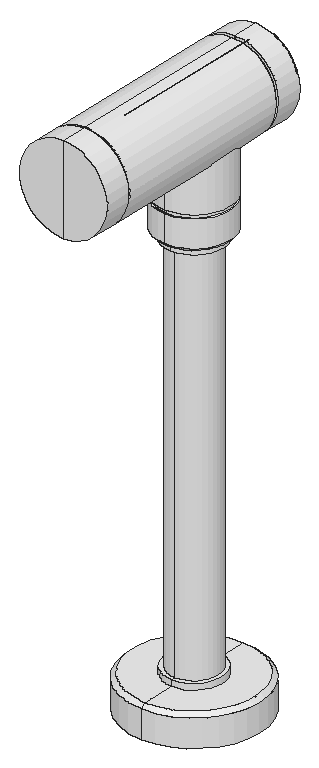
Revit family "Bottle_Trap-DXV-Modulus-D35700030_Series", category Plumbing Fixtures, host Face, Revit 2018
Family settings
  Host = Face
  Round Connector Dimension = Use Diameter
  Part Type = Normal
  OmniClass Number = 23.45.55.21
  OmniClass Title = Drains (Wastes)
  Cut with Voids When Loaded = No
  Shared = Yes
  Room Calculation Point = No
Parameters (values of type "D35700030.100")
  Width = 3 5/16"  # constant formula
  Waste Connection Diameter = 1 1/4"  # constant formula
  Waste Connection = yes
  WFU = 0  # constant formula
  Vent Connection = no
  URL = "https://www.dxv.com/"
  Type Comments = ""
  Revised Date = "04/07/2022"  # constant formula
  Product Page URL = "https://www.dxv.com/product/dxv-modulus-bottle-trap"
  Product Documentation Link = "https://dxv01.blob.core.windows.net/dxv-product-pdf-files/spec_D35700030_DXV_Modulus_p_trap_EN.pdf"
  Price = "Prices may vary. Please consult Manufacturer Representative for most up-to-date price list."  # constant formula
  Model = "D35700030.100"
  Material = "Brass-DXV-100-Polished Chrome"
  Manufacturer = "DXV"
  Length = 13 9/16"  # constant formula
  Installation Type = "Wall Mounted"  # constant formula
  IAPMO Compliance = "Meets or Exceeds ASME A112.18.1/CSA B125.1,Meets UPC, IPC and NSPC model plumbing codes"  # constant formula
  Height = 6 5/16"  # constant formula
  HWFU = 0  # constant formula
  HW Connection = no
  Finish = Brass-DXV-100-Polished Chrome
  Description = "DXV Modulus Bottle Trap"  # constant formula
  Default Elevation = 0"  # constant formula
  Creation Date = "05/07/2018"  # constant formula
  CWFU = 0  # constant formula
  CW Connection = no
  Assembly Code = "D2030"
Types (5): name | Model | Material | Finish
  (no name) | "D35700030.100" | "Brass-DXV-100-Polished Chrome" | Brass-DXV-100-Polished Chrome
  D35700030.100 | "D35700030.100" | "Brass-DXV-100-Polished Chrome" | Brass-DXV-100-Polished Chrome
  D35700030.144 | "D35700030.144" | "Brass-DXV-144-Brushed Nickel" | Brass-DXV-144-Brushed Nickel
  D35700030.150 | "D35700030.150" | "Brass-DXV-150-Platinum Nickel" | Brass-DXV-150-Platinum Nickel
  D35700030.243 | "D35700030.243" | "Brass-DXV-243-Matte Black" | Brass-DXV-243-Matte Black
Reference planes (in)
  plane 1 "Center (Front/Back)": y = 0
  plane 2: z = 0
  plane 3 "Center (Left/Right)": x = 0
  plane 4: z = 13.5625
  plane 5: y = -4.125
  plane 6: y = 2.1875
  plane 7: y = 1.65625
  plane 8: y = -1.65625
  plane 9: z = 14.625
  plane 10: z = 12.5
  plane 11: z = 14.1875
  plane 12: z = 12.9375
Forms (in)
  Revolve 1, solid, material "Brass-DXV-100-Polished Chrome" <- "Finish"
    sketch origin (0, 0, 0) x (0, 1, 0) y (0, 0, 1)
      loop
        line (0, 0) -> (1.65625, 0) -> (1.65625, 0.69057) -> (1.55283, 0.794) -> (0.71155, 0.794) -> (0.71155, 0.94451) -> (0.60614, 0.94451) -> (0.60614, 10.69451) -> (0.7475, 10.69451) -> (0.7475, 10.83754) -> (0.83445, 10.83754) -> (0.91235, 10.91543) -> (0.91235, 11.5911) -> (0.85557, 11.5911) -> (0.85557, 11.69325) -> (0.91235, 11.69325) -> (0.91235, 13.5625) -> (0, 13.5625) -> (0, 0)
      axis (0, 13.5625) -> (0, 0)
    angle from 0 to 360
  Revolve 2, solid, material "Brass-DXV-100-Polished Chrome" <- "Finish"
    sketch origin (0, 0, 0) x (0, 1, 0) y (0, 0, 1)
      loop
        line (2.05975, 14.28735) -> (2.05975, 14.5625) -> (1.94979, 14.67246) -> (1.30488, 14.67246) -> (1.30488, 14.58406) -> (1.21121, 14.58406) -> (1.21121, 14.67246) -> (-3.43313, 14.67246) -> (-3.43313, 14.625) -> (-3.47301, 14.625) -> (-3.47301, 14.67246) -> (-4.125, 14.67246) -> (-4.125, 13.5625) -> (-3.43313, 13.5625) -> (-3.43313, 14.1875) -> (2.1875, 14.1875) -> (2.1875, 14.28735) -> (2.05975, 14.28735)
      axis (-4.125, 13.5625) -> (2.1875, 13.5625)
    angle from 0 to 360
Cuts and joins
  joined: Revolve 1, Revolve 2
Lines and regions (in)
  Masking region 1
    outline origin (0, 0, 0) x (1, 0, 0) y (0, 0, 1)
      loop
        line (1.65625, 0) -> (1.65625, 0.69057) -> (1.55283, 0.794) -> (0.71155, 0.794) -> (0.71155, 0.94451) -> (0.60614, 0.94451) -> (0.60614, 10.69451) -> (0.7475, 10.69451) -> (0.7475, 10.83754) -> (0.83445, 10.83754) -> (0.91235, 10.91543) -> (0.91235, 11.5911) -> (0.85557, 11.5911) -> (0.85557, 11.69325) -> (0.91235, 11.69325) -> (0.91235, 12.9252)
        arc (0.91235, 12.9252) -> (0, 14.67539) -> (-0.91235, 12.9252) r 1.11289
        line (-0.91235, 12.9252) -> (-0.91235, 11.69325) -> (-0.85557, 11.69325) -> (-0.85557, 11.5911) -> (-0.91235, 11.5911) -> (-0.91235, 10.91543) -> (-0.83445, 10.83754) -> (-0.7475, 10.83754) -> (-0.7475, 10.69451) -> (-0.60614, 10.69451) -> (-0.60614, 0.94451) -> (-0.71155, 0.94451) -> (-0.71155, 0.794) -> (-1.55283, 0.794) -> (-1.65625, 0.69057) -> (-1.65625, 0) -> (1.65625, 0)
  symbolic lines, detail levels medium+fine
    curve 1: arc (0.91235, 0, 12.9252) -> (0, 0, 12.45257) -> (-0.91235, 0, 12.9252) r 1.1169
  symbolic lines, detail levels fine
    curve 2: line (0.85557, 0, 11.69325) -> (-0.85557, 0, 11.69325)
    curve 3: line (0.85557, 0, 11.5911) -> (-0.85557, 0, 11.5911)
    curve 4: line (0.91235, 0, 10.91543) -> (-0.91235, 0, 10.91543)
    curve 5: line (0.7475, 0, 10.83754) -> (-0.7475, 0, 10.83754)
    curve 6: line (0.60614, 0, 10.69451) -> (-0.60614, 0, 10.69451)
    curve 7: line (0.60614, 0, 0.94451) -> (-0.60614, 0, 0.94451)
    curve 8: line (0.71155, 0, 0.794) -> (-0.71155, 0, 0.794)
    curve 9: line (1.65625, 0, 0.69057) -> (-1.65625, 0, 0.69057)
    curve 10: circle (0, 0, 13.5625) r 0.63464 normal (0, -1, 0)
Dimensions and locks (in)
  equal spacing: plane 7, plane 1 "Center (Front/Back)", plane 8
  "Width": plane 7 to plane 8
  "Length": plane 4 to level
  "Height": plane 6 to plane 5
  equal spacing: plane 9, plane 4, plane 10
  locked: plane 9 to plane 10 at 2.125
  equal spacing: plane 11, plane 4, plane 12
  "Waste Connection Diameter": plane 11 to plane 12
  plane 6 to plane 1 "Center (Front/Back)" = 2 3/16"
  plane 1 "Center (Front/Back)" to plane 5 = 4 1/8"
  aligned and locked: plane 2 to host face
  aligned and locked: level to host face
Automatic sketch dimensions
  host sketch curve to host sketch curve = 96"  (x2)
  Revolve 1 sketch curve to level = 0"
  Revolve 1 sketch curve to plane 1 "Center (Front/Back)" = 0"  (x2)
  Revolve 1 sketch curve to plane 4 = 0"
  Revolve 1 sketch curve to plane 7 = 0"
  Revolve 1 sketch curve to plane 1 "Center (Front/Back)" = 0.60614"
  Revolve 1 sketch curve to Revolve 1 sketch curve = 0.10541"
  Revolve 1 sketch curve to Revolve 1 sketch curve = 0.14136"
  Revolve 1 sketch curve to Revolve 1 sketch curve = 0.08695"
  plane 7 to Revolve 1 sketch curve = 0.80068"
  Revolve 1 sketch curve to Revolve 1 sketch curve = 0.05678"
  plane 7 to Revolve 1 sketch curve = 0.7439"
  plane 7 to Revolve 1 sketch curve = 0.10342"
  Revolve 1 sketch curve to Revolve 1 sketch curve = 0.69057"
  level to Revolve 1 sketch curve = 0.794"
  Revolve 1 sketch curve to Revolve 1 sketch curve = 0.15052"
  Revolve 1 sketch curve to plane 4 = 2.86799"
  Revolve 1 sketch curve to Revolve 1 sketch curve = 0.14302"
  Revolve 1 sketch curve to Revolve 1 sketch curve = 0.07789"
  Revolve 1 sketch curve to Revolve 1 sketch curve = 0.67567"
  Revolve 1 sketch curve to Revolve 1 sketch curve = 0.10215"
  Revolve 1 sketch curve to Revolve 1 sketch curve = 2 1/4"
  Revolve 1 sketch curve to Revolve 1 sketch curve = 1/2"
  Masking region 1 sketch curve to level = 0"
  Masking region 1 sketch curve to plane 3 "Center (Left/Right)" = 0"
  Masking region 1 sketch curve to plane 4 = 0"
  Masking region 1 sketch curve to Masking region 1 sketch curve = 0.10541"  (x2)
  Masking region 1 sketch curve to Masking region 1 sketch curve = 0.14136"  (x2)
  Masking region 1 sketch curve to Masking region 1 sketch curve = 0.08695"  (x2)
  Masking region 1 sketch curve to Masking region 1 sketch curve = 0.02111"  (x2)
  Masking region 1 sketch curve to Masking region 1 sketch curve = 0.05678"  (x4)
  Masking region 1 sketch curve to Masking region 1 sketch curve = 0.84128"  (x2)
  Masking region 1 sketch curve to Masking region 1 sketch curve = 0.10342"  (x4)
  level to Masking region 1 sketch curve = 0.69057"  (x2)
  Masking region 1 sketch curve to Masking region 1 sketch curve = 0.15052"  (x2)
  plane 10 to Masking region 1 sketch curve = 1.80549"
  Masking region 1 sketch curve to Masking region 1 sketch curve = 0"  (x2)
  Masking region 1 sketch curve to Masking region 1 sketch curve = 0.14302"  (x2)
  Masking region 1 sketch curve to Masking region 1 sketch curve = 0.07789"  (x2)
  Masking region 1 sketch curve to Masking region 1 sketch curve = 0.67567"  (x2)
  Masking region 1 sketch curve to Masking region 1 sketch curve = 0.10215"  (x2)
  plane 12 to Masking region 1 sketch curve = 0.0123"  (x2)
  Masking region 1 sketch curve to plane 3 "Center (Left/Right)" = 0.60614"
  curve 1 to plane 3 "Center (Left/Right)" = 0"
  curve 10 to plane 3 "Center (Left/Right)" = 0"
  curve 10 to plane 4 = 0"
  plane 4 to curve 1 = 0.00697"
  curve 7 to plane 3 "Center (Left/Right)" = 0.60614"
  curve 6 to plane 3 "Center (Left/Right)" = 0.60614"
  curve 8 to curve 7 = 0.10541"
  curve 5 to curve 6 = 0.14136"
  curve 2 to plane 3 "Center (Left/Right)" = 0.85557"
  curve 2 to curve 3 = 0"  (x2)
  curve 4 to curve 5 = 0.16484"
  plane 12 to curve 1 = 0.0123"  (x2)
  curve 1 to plane 3 "Center (Left/Right)" = 0.91235"
  curve 9 to curve 8 = 0.9447"
  plane 3 "Center (Left/Right)" to curve 7 = 0.60614"
  plane 3 "Center (Left/Right)" to curve 6 = 0.60614"
  curve 7 to curve 8 = 0.10541"
  curve 6 to curve 5 = 0.14136"
  plane 3 "Center (Left/Right)" to curve 2 = 0.85557"
  curve 5 to curve 4 = 0.16484"
  curve 8 to curve 9 = 0.9447"
  plane 10 to curve 2 = 0.80675"
  curve 3 to curve 2 = 0.10215"
  curve 4 to curve 3 = 0.67567"
  curve 5 to curve 4 = 0.07789"
  curve 6 to curve 5 = 0.14302"
  level to curve 7 = 0.94451"
  curve 8 to curve 7 = 0.15052"
  level to curve 9 = 0.69057"
  plane 9 to Revolve 2 sketch curve = 0"
  Revolve 2 sketch curve to plane 11 = 0"
  Revolve 2 sketch curve to plane 4 = 0"  (x2)
  Revolve 2 sketch curve to plane 6 = 0"
  plane 9 to Revolve 2 sketch curve = 0.04746"  (x3)
  Revolve 2 sketch curve to Revolve 2 sketch curve = 0.65199"
  Revolve 2 sketch curve to Revolve 2 sketch curve = 0.03989"
  Revolve 2 sketch curve to plane 9 = 0.04094"
  plane 7 to Revolve 2 sketch curve = 0.44504"
  Revolve 2 sketch curve to Revolve 2 sketch curve = 0.09367"
  plane 6 to Revolve 2 sketch curve = 0.23771"
  Revolve 2 sketch curve to plane 9 = 1/16"
  plane 6 to Revolve 2 sketch curve = 0.12775"
  plane 11 to Revolve 2 sketch curve = 0.09985"
  Revolve 2 sketch curve to Revolve 2 sketch curve = 0"
  Revolve 2 sketch curve to plane 6 = 1 1/4"
  Revolve 2 sketch curve to Revolve 2 sketch curve = 0.83339"
  Revolve 2 sketch curve to plane 5 = 0"
  radius of curve 10 = 0.63464"
Connectors (in)
  piping at (0, 0, 0), diameter 1.25, driven by "WFU", driven by "Waste Connection Diameter"
    settings: on cut or joined group of Revolve 1, Revolve 2, index 1, connector inside diameter 24", connector length 0", flow factor 0, pipe flow 0 GPM, pressure drop 0.00 psi, fitting loss kfactor 0, connector angle 0.00°, fixture units 0, engagement length 0", angle of deflection 0.00°, flow configuration 3, flow direction 2, fitting loss method 0, system type 16, joint type 0, gender type 0, connector reference index -1, connector utility 0, adjustable connector yes, is connector primary yes, connector description "1 1/4\" Waste Outlet Connection"
  piping at (0, 2.1875, 13.5625), diameter 1.25, driven by "Waste Connection Diameter", driven by "WFU"
    settings: on cut or joined group of Revolve 1, Revolve 2, index 2, connector inside diameter 24", connector length 0", flow factor 0, pipe flow 0 GPM, pressure drop 0.00 psi, fitting loss kfactor 0, connector angle 0.00°, fixture units 0, engagement length 0", angle of deflection 0.00°, flow configuration 3, flow direction 1, fitting loss method 0, system type 16, joint type 0, gender type 0, connector reference index -1, connector utility 0, adjustable connector yes, is connector primary no, connector description "1 1/4\" Waste Inlet Connection"
